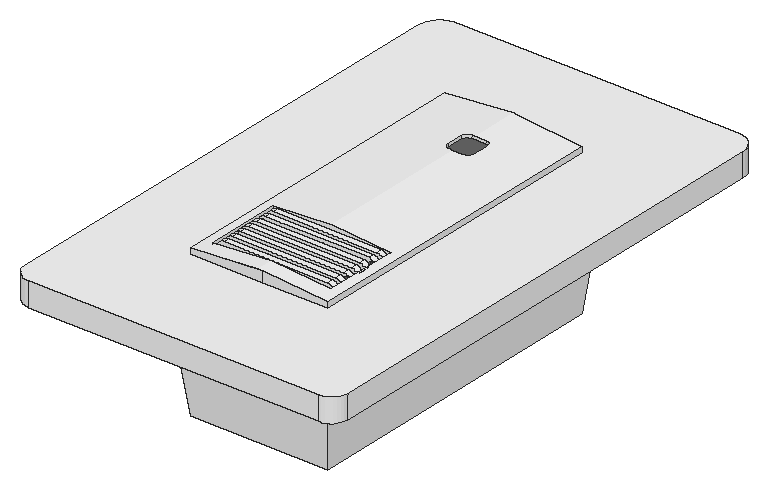
Revit family "LHU", category Communication Devices, host Face, Revit 2021
Family settings
  Host = Face
  Maintain Annotation Orientation = No
  Round Connector Dimension = Use Diameter
  Part Type = Normal
  OmniClass Number = 23.85.80.11.27
  OmniClass Title = Lighting Controls
  Cut with Voids When Loaded = No
  Shared = Yes
  Room Calculation Point = No
Parameters (values of type "LHUSD0-24V")
  Warranty = "5-Years Warranty"  # constant formula
  Type Comments = "LightHAWK®2 Ultrasonic Wall Switch Sensor"  # constant formula
  URL = "https://www.currentlighting.com/nxlightingcontrols"
  Product Page URL = ""
  Product Documentation Link = ""
  Model = " Wall Switch Occupancy Sensors"  # constant formula
  Manufacturer = " NX Lighting Controls"  # constant formula
  Width = 2.75"
  Features = "Digital Ultrasonic (US) sensor \r\nIntelliDAPT self-adaptive technology—no manual adjustment required \r\nDual circuit has isolated relays \r\nOccupancy (auto-on) and Vacancy (manual-on) operating modes \r\nAvailable with or without Neutral \r\n400 square-foot, 180° coverage area \r\n120/277VAC operation \r\nNo minimum load requirement \r\nZero Arc Point Switching \r\nFive-year limited warranty \r\n120-277VAC and 347VAC models \r\nLow voltage device: 24VDC \r\n"  # constant formula
  Black = Paint -  Carbon Black
  Height = 4.50"
  White = Paint - Matte White
  Description = "The LightHAWK®2 Ultrasonic Wall Switch Sensor uses ultrasonic (US)\r\ntechnology for detecting minor movement in areas with line-ofsight\r\nobstacles such as cubicles and stalls. Ultrasonic technology is\r\nvolumetric in nature, its coverage pattern can adapt itself to fill oddly\r\nshaped spaces such as alcoves, recesses, and nooks. This sensor has a\r\ncoverage area of up to 400 square feet and 180° of detection"  # constant formula
  Default Elevation = 48.00"
  Copyright = "Copyright © NX Lighting Controls"  # constant formula
  Contact Us = ""
  Assembly Code = "D5090"
  2 = no
  1 = no
Types (13): name | 2 | 1
  (no name) | no | no
  LHUSD0-24V | no | no
  LHUSD0-G | no | no
  LHUSD0-N | no | no
  LHUSD2-G | yes | no
  LHUSS1-24V | no | no
  LHUSS0-G | no | no
  LHUSS0-N | no | no
  LHUSS1-G | no | yes
  LHUSS1-N | no | yes
  LHUSD2-N | yes | no
  LHUSS0-24V | no | no
  LHUSD2-24V | no | no
Reference planes (in)
  plane 1 "Center (Front/Back)": y = 13.01342
  plane 2: z = 0
  plane 3 "Center (Left/Right)": x = 0
  plane 4: x = -1.375
  plane 5: x = 1.375
  plane 6: y = 15.26342
  plane 7: y = 10.76342
  plane 8: z = -1.35
  plane 9: z = 0.3
Forms (in)
  Extrusion 1, solid, material "Paint - Matte White" <- "White"
    sketch origin (0, 0, -0.5) x (1, 0, 0) y (0, 1, 0)
      loop
        arc (-1.17464, 15.26342) -> (-1.31632, 15.20473) -> (-1.375, 15.06306) r 0.20036
        line (-1.375, 15.06306) -> (-1.375, 10.91856)
        arc (-1.375, 10.91856) -> (-1.32956, 10.80886) -> (-1.21986, 10.76342) r 0.15514
        line (-1.21986, 10.76342) -> (1.23768, 10.76342)
        arc (1.23768, 10.76342) -> (1.33478, 10.80364) -> (1.375, 10.90074) r 0.13732
        line (1.375, 10.90074) -> (1.375, 15.08233)
        arc (1.375, 15.08233) -> (1.32196, 15.21038) -> (1.19391, 15.26342) r 0.18109
        line (1.19391, 15.26342) -> (-1.17464, 15.26342)
    from 0.6 to 0.4
  Extrusion 2, solid, material "Paint - Matte White" <- "White"
    sketch origin (0, 0, 0) x (1, 0, 0) y (0, 1, 0)
      loop
        line (-0.61252, 14.41205) -> (-0.61252, 11.71709) -> (0, 11.71709) -> (0.55202, 11.71709) -> (0.55202, 14.41205) -> (0, 14.41205) -> (-0.61252, 14.41205)
    from 0.23534 to 0.1
  Extrusion 3, void
    sketch origin (0, 13.01342, 0) x (1, 0, 0) y (0, 0, 1)
      loop
        line (-0.80064, 0.50032) -> (-0.80064, 0.11093)
        arc (-0.80064, 0.11093) -> (-0.03604, 0.19217) -> (0.72866, 0.11196) r 3.66183
        line (0.72866, 0.11196) -> (0.72866, 0.50032) -> (-0.80064, 0.50032)
    from 1.29633 to -1.39863
  Extrusion 4, solid, material "Paint - Matte White" <- "White", visible <- "2"
    sketch origin (0, -0.50782, -0.15625) x (1, 0, 0) y (0, 1, 0)
      loop
        arc (-0.36532, 13.31515) -> (-0.44943, 13.23104) -> (-0.36532, 13.14693) r 0.08411
        line (-0.36532, 13.14693) -> (0.36532, 13.14693)
        arc (0.36532, 13.14693) -> (0.44943, 13.23104) -> (0.36532, 13.31515) r 0.08411
        line (0.36532, 13.31515) -> (-0.36532, 13.31515)
    from 0.41734 to 0.3
  Extrusion 5, void
    sketch origin (0, 12.66185, -0.15625) x (1, 0, 0) y (0, 0, 1)
      loop
        line (-0.68234, 0.93634) -> (-0.68234, 0.33634)
        arc (-0.68234, 0.33634) -> (0.00087, 0.41153) -> (0.68408, 0.33634) r 3.14149
        line (0.68408, 0.33634) -> (0.68408, 0.93634) -> (-0.68234, 0.93634)
    from 0.07779 to -0.48461
  Extrusion 6, void
    sketch origin (0, 0, 0) x (1, 0, 0) y (0, 1, 0)
      loop
        line (-0.52918, 12.4843) -> (-0.52918, 11.85227) -> (0.47082, 11.85227) -> (0.47082, 12.4843) -> (-0.52918, 12.4843)
    from 0.8 to 0
  Extrusion 7, solid, material "Paint - Matte White" <- "White"
    sketch origin (-0.20544, 12.15494, -0.06076) x (1, 0, 0) y (0, 0, 1)
      loop
        line (-0.32566, 0.16057) -> (0.08594, 0.16057) -> (0.68073, 0.16057)
        arc (0.68073, 0.16057) -> (0.66385, 0.20745) -> (0.62096, 0.23281) r 0.07354
        arc (0.62096, 0.23281) -> (0.18246, 0.249) -> (-0.25611, 0.23492) r 6.36196
        arc (-0.25611, 0.23492) -> (-0.30556, 0.21148) -> (-0.32566, 0.16057) r 0.07451
    from 0.2657 to 0.21808
  Extrusion 8, solid, material "Paint - Matte White" <- "White"
    sketch origin (-0.20544, 12.23954, -0.06076) x (1, 0, 0) y (0, 0, 1)
      loop
        line (-0.32566, 0.16057) -> (0.08594, 0.16057) -> (0.68073, 0.16057)
        arc (0.68073, 0.16057) -> (0.66385, 0.20745) -> (0.62096, 0.23281) r 0.07354
        arc (0.62096, 0.23281) -> (0.18246, 0.249) -> (-0.25611, 0.23492) r 6.36196
        arc (-0.25611, 0.23492) -> (-0.30556, 0.21148) -> (-0.32566, 0.16057) r 0.07451
    from 0.2657 to 0.21808
  Extrusion 9, solid, material "Paint - Matte White" <- "White"
    sketch origin (-0.20544, 12.32413, -0.06076) x (1, 0, 0) y (0, 0, 1)
      loop
        line (-0.32566, 0.16057) -> (0.08594, 0.16057) -> (0.68073, 0.16057)
        arc (0.68073, 0.16057) -> (0.66385, 0.20745) -> (0.62096, 0.23281) r 0.07354
        arc (0.62096, 0.23281) -> (0.18246, 0.249) -> (-0.25611, 0.23492) r 6.36196
        arc (-0.25611, 0.23492) -> (-0.30556, 0.21148) -> (-0.32566, 0.16057) r 0.07451
    from 0.2657 to 0.21808
  Extrusion 10, solid, material "Paint - Matte White" <- "White"
    sketch origin (-0.20544, 12.40872, -0.06076) x (1, 0, 0) y (0, 0, 1)
      loop
        line (-0.32566, 0.16057) -> (0.08594, 0.16057) -> (0.68073, 0.16057)
        arc (0.68073, 0.16057) -> (0.66385, 0.20745) -> (0.62096, 0.23281) r 0.07354
        arc (0.62096, 0.23281) -> (0.18246, 0.249) -> (-0.25611, 0.23492) r 6.36196
        arc (-0.25611, 0.23492) -> (-0.30556, 0.21148) -> (-0.32566, 0.16057) r 0.07451
    from 0.2657 to 0.21808
  Extrusion 11, solid, material "Paint - Matte White" <- "White"
    sketch origin (-0.20544, 12.49332, -0.06076) x (1, 0, 0) y (0, 0, 1)
      loop
        line (-0.32566, 0.16057) -> (0.08594, 0.16057) -> (0.68073, 0.16057)
        arc (0.68073, 0.16057) -> (0.66385, 0.20745) -> (0.62096, 0.23281) r 0.07354
        arc (0.62096, 0.23281) -> (0.18246, 0.249) -> (-0.25611, 0.23492) r 6.36196
        arc (-0.25611, 0.23492) -> (-0.30556, 0.21148) -> (-0.32566, 0.16057) r 0.07451
    from 0.2657 to 0.21808
  Extrusion 12, solid, material "Paint - Matte White" <- "White"
    sketch origin (-0.20544, 12.58844, -0.06076) x (1, 0, 0) y (0, 0, 1)
      loop
        line (-0.32566, 0.16057) -> (0.08594, 0.16057) -> (0.68073, 0.16057)
        arc (0.68073, 0.16057) -> (0.66385, 0.20745) -> (0.62096, 0.23281) r 0.07354
        arc (0.62096, 0.23281) -> (0.18246, 0.249) -> (-0.25611, 0.23492) r 6.36196
        arc (-0.25611, 0.23492) -> (-0.30556, 0.21148) -> (-0.32566, 0.16057) r 0.07451
    from 0.2657 to 0.21808
  Extrusion 13, solid, material "Paint - Matte White" <- "White"
    sketch origin (-0.20544, 12.67303, -0.06076) x (1, 0, 0) y (0, 0, 1)
      loop
        line (-0.32566, 0.16057) -> (0.08594, 0.16057) -> (0.68073, 0.16057)
        arc (0.68073, 0.16057) -> (0.66385, 0.20745) -> (0.62096, 0.23281) r 0.07354
        arc (0.62096, 0.23281) -> (0.18246, 0.249) -> (-0.25611, 0.23492) r 6.36196
        arc (-0.25611, 0.23492) -> (-0.30556, 0.21148) -> (-0.32566, 0.16057) r 0.07451
    from 0.2657 to 0.21808
  Extrusion 14, void
    sketch origin (0, 0, 0) x (1, 0, 0) y (0, 1, 0)
      loop
        arc (-0.05908, 14.00966) -> (-0.09724, 13.99385) -> (-0.11305, 13.9557) r 0.05396
        line (-0.11305, 13.9557) -> (-0.11305, 13.82325)
        arc (-0.11305, 13.82325) -> (-0.09772, 13.78624) -> (-0.06071, 13.77091) r 0.05234
        line (-0.06071, 13.77091) -> (0.0577, 13.77091)
        arc (0.0577, 13.77091) -> (0.09473, 13.78625) -> (0.11008, 13.82329) r 0.05238
        line (0.11008, 13.82329) -> (0.11008, 13.95867)
        arc (0.11008, 13.95867) -> (0.09514, 13.99473) -> (0.05908, 14.00966) r 0.05099
        line (0.05908, 14.00966) -> (-0.05908, 14.00966)
    from 0.22626 to 0.1699
  Blend 15, solid, material "Paint - Matte White" <- "White"
    base sketch origin (0, 0, 0) x (1, 0, 0) y (0, 1, 0)
      loop
        line (-0.73509, 14.56519) -> (-0.73509, 11.56519) -> (0.66835, 11.56519) -> (0.66835, 14.56519) -> (-0.73509, 14.56519)
    top sketch origin (0, 0, 0) x (1, 0, 0) y (0, 1, 0)
      loop
        line (-0.61252, 14.41205) -> (-0.61252, 11.71709) -> (0.55202, 11.71709) -> (0.55202, 14.41205) -> (-0.61252, 14.41205)
    from 0 to -1.12608
  Extrusion 16, solid, material "Paint - Matte White" <- "White", visible <- "2"
    sketch origin (0, -0.12311, -0.15625) x (1, 0, 0) y (0, 1, 0)
      loop
        arc (-0.36532, 13.31515) -> (-0.44943, 13.23104) -> (-0.36532, 13.14693) r 0.08411
        line (-0.36532, 13.14693) -> (0.36532, 13.14693)
        arc (0.36532, 13.14693) -> (0.44943, 13.23104) -> (0.36532, 13.31515) r 0.08411
        line (0.36532, 13.31515) -> (-0.36532, 13.31515)
    from 0.41734 to 0.3
  Extrusion 17, void
    sketch origin (0, 13.04656, -0.15625) x (1, 0, 0) y (0, 0, 1)
      loop
        line (-0.68234, 0.93634) -> (-0.68234, 0.33634)
        arc (-0.68234, 0.33634) -> (0.00087, 0.41153) -> (0.68408, 0.33634) r 3.14149
        line (0.68408, 0.33634) -> (0.68408, 0.93634) -> (-0.68234, 0.93634)
    from 0.07779 to -0.22916
  Extrusion 18, solid, material "Paint - Matte White" <- "White", visible <- "1"
    sketch origin (0, -0.29322, -0.15625) x (1, 0, 0) y (0, 1, 0)
      loop
        arc (-0.31845, 13.3464) -> (-0.4587, 13.20615) -> (-0.31845, 13.0659) r 0.14025
        line (-0.31845, 13.0659) -> (0.31845, 13.0659)
        arc (0.31845, 13.0659) -> (0.4587, 13.20615) -> (0.31845, 13.3464) r 0.14025
        line (0.31845, 13.3464) -> (-0.31845, 13.3464)
    from 0.41734 to 0.3
  Extrusion 19, solid, material "Paint -  Carbon Black" <- "Black"
    sketch origin (0, 0, 0) x (1, 0, 0) y (0, 1, 0)
      loop
        circle (-0.28512, 12.19064) r 0.25
      loop
        circle (0.22429, 12.19064) r 0.25
      loop
        circle (-0.28512, 12.19064) r 0.24
      loop
        circle (0.22429, 12.19064) r 0.24
    from 0.14612 to 0
Cuts and joins
  Extrusion 3, Extrusion 6 cuts Extrusion 1
  Extrusion 3, Extrusion 6, Extrusion 14 cuts Extrusion 2
  joined: Extrusion 1, Extrusion 2
  Extrusion 5, Extrusion 17 cuts Extrusion 4
  Extrusion 17 cuts Extrusion 16
  Extrusion 5 cuts Extrusion 18
Dimensions and locks (in)
  plane 2 to plane 8 = 1.35"
  "Width": plane 4 to plane 5
  equal spacing: plane 4, plane 3 "Center (Left/Right)", plane 5
  "Height": plane 7 to plane 6
  equal spacing: plane 7, plane 1 "Center (Front/Back)", plane 6
  plane 9 to plane 8 = 1.65"
  aligned and locked: plane 2 to host face
  aligned and locked: level to host face
Automatic sketch dimensions
  host sketch curve to host sketch curve = 96.00"  (x2)
  Extrusion 1 sketch curve to plane 4 = 0.00"
  plane 7 to Extrusion 1 sketch curve = 0.00"
  plane 6 to Extrusion 1 sketch curve = 0.00"
  Extrusion 1 sketch curve to plane 5 = 0.00"
  plane 4 to Extrusion 1 sketch curve = 0.15514"
  plane 4 to Extrusion 1 sketch curve = 0.20036"
  Extrusion 1 sketch curve to Extrusion 1 sketch curve = 0.18109"
  Extrusion 1 sketch curve to plane 5 = 0.13732"
  Extrusion 2 sketch curve to plane 3 "Center (Left/Right)" = 0.00"  (x2)
  Extrusion 2 sketch curve to plane 3 "Center (Left/Right)" = 0.61252"
  Extrusion 2 sketch curve to Extrusion 2 sketch curve = 0.55202"
  Extrusion 2 sketch curve to plane 7 = 0.95367"
  plane 6 to Extrusion 2 sketch curve = 0.85137"
  level to Extrusion 3 sketch curve = 0.11093"
  plane 4 to Extrusion 3 sketch curve = 0.57436"
  Extrusion 3 sketch curve to plane 3 "Center (Left/Right)" = 0.03357"
  level to Extrusion 3 sketch curve = 0.11196"
  plane 3 "Center (Left/Right)" to Extrusion 3 sketch curve = 0.72866"
  Extrusion 3 sketch curve to plane 9 = 0.20032"
  plane 1 "Center (Front/Back)" to Extrusion 4 sketch curve = 0.20609"
  Extrusion 4 sketch curve to plane 3 "Center (Left/Right)" = 0.36532"
  plane 3 "Center (Left/Right)" to Extrusion 4 sketch curve = 0.36532"
  Extrusion 4 sketch curve to Extrusion 4 sketch curve = 0.08411"
  plane 9 to Extrusion 5 sketch curve = 0.11991"
  Extrusion 5 sketch curve to plane 3 "Center (Left/Right)" = 0.68234"
  plane 3 "Center (Left/Right)" to Extrusion 5 sketch curve = 0.00087"
  plane 3 "Center (Left/Right)" to Extrusion 5 sketch curve = 0.68408"
  plane 8 to Extrusion 5 sketch curve = 1.53622"
  Extrusion 5 sketch curve to plane 9 = 0.48009"
  Extrusion 5 sketch curve to Extrusion 5 sketch curve = 0.00"
  Extrusion 6 sketch curve to plane 3 "Center (Left/Right)" = 0.52918"
  plane 3 "Center (Left/Right)" to Extrusion 6 sketch curve = 0.47082"
  Extrusion 6 sketch curve to plane 7 = 1.08885"
  plane 1 "Center (Front/Back)" to Extrusion 6 sketch curve = 0.52912"
  level to Extrusion 7 sketch curve = 0.09982"
  Extrusion 7 sketch curve to plane 3 "Center (Left/Right)" = 0.5311"
  Extrusion 7 sketch curve to Extrusion 7 sketch curve = 0.07451"
  Extrusion 7 sketch curve to plane 3 "Center (Left/Right)" = 0.1195"
  Extrusion 7 sketch curve to plane 3 "Center (Left/Right)" = 0.03822"
  plane 3 "Center (Left/Right)" to Extrusion 7 sketch curve = 0.40175"
  Extrusion 7 sketch curve to Extrusion 7 sketch curve = 0.07354"
  plane 8 to Extrusion 7 sketch curve = 4.8237"
  Extrusion 7 sketch curve to Extrusion 7 sketch curve = 0.00"
  level to Extrusion 8 sketch curve = 0.09982"
  Extrusion 8 sketch curve to plane 3 "Center (Left/Right)" = 0.5311"
  Extrusion 8 sketch curve to Extrusion 8 sketch curve = 0.07451"
  Extrusion 8 sketch curve to plane 3 "Center (Left/Right)" = 0.1195"
  Extrusion 8 sketch curve to plane 3 "Center (Left/Right)" = 0.03822"
  plane 3 "Center (Left/Right)" to Extrusion 8 sketch curve = 0.40175"
  Extrusion 8 sketch curve to Extrusion 8 sketch curve = 0.07354"
  plane 8 to Extrusion 8 sketch curve = 4.8237"
  Extrusion 8 sketch curve to Extrusion 8 sketch curve = 0.00"
  level to Extrusion 9 sketch curve = 0.09982"
  Extrusion 9 sketch curve to plane 3 "Center (Left/Right)" = 0.5311"
  Extrusion 9 sketch curve to Extrusion 9 sketch curve = 0.07451"
  Extrusion 9 sketch curve to plane 3 "Center (Left/Right)" = 0.1195"
  Extrusion 9 sketch curve to plane 3 "Center (Left/Right)" = 0.03822"
  plane 3 "Center (Left/Right)" to Extrusion 9 sketch curve = 0.40175"
  Extrusion 9 sketch curve to Extrusion 9 sketch curve = 0.07354"
  plane 8 to Extrusion 9 sketch curve = 4.8237"
  Extrusion 9 sketch curve to Extrusion 9 sketch curve = 0.00"
  level to Extrusion 10 sketch curve = 0.09982"
  Extrusion 10 sketch curve to plane 3 "Center (Left/Right)" = 0.5311"
  Extrusion 10 sketch curve to Extrusion 10 sketch curve = 0.07451"
  Extrusion 10 sketch curve to plane 3 "Center (Left/Right)" = 0.1195"
  Extrusion 10 sketch curve to plane 3 "Center (Left/Right)" = 0.03822"
  plane 3 "Center (Left/Right)" to Extrusion 10 sketch curve = 0.40175"
  Extrusion 10 sketch curve to Extrusion 10 sketch curve = 0.07354"
  plane 8 to Extrusion 10 sketch curve = 4.8237"
  Extrusion 10 sketch curve to Extrusion 10 sketch curve = 0.00"
  level to Extrusion 11 sketch curve = 0.09982"
  Extrusion 11 sketch curve to plane 3 "Center (Left/Right)" = 0.5311"
  Extrusion 11 sketch curve to Extrusion 11 sketch curve = 0.07451"
  Extrusion 11 sketch curve to plane 3 "Center (Left/Right)" = 0.1195"
  Extrusion 11 sketch curve to plane 3 "Center (Left/Right)" = 0.03822"
  plane 3 "Center (Left/Right)" to Extrusion 11 sketch curve = 0.40175"
  Extrusion 11 sketch curve to Extrusion 11 sketch curve = 0.07354"
  plane 8 to Extrusion 11 sketch curve = 4.8237"
  Extrusion 11 sketch curve to Extrusion 11 sketch curve = 0.00"
  level to Extrusion 12 sketch curve = 0.09982"
  Extrusion 12 sketch curve to plane 3 "Center (Left/Right)" = 0.5311"
  Extrusion 12 sketch curve to Extrusion 12 sketch curve = 0.07451"
  Extrusion 12 sketch curve to plane 3 "Center (Left/Right)" = 0.1195"
  Extrusion 12 sketch curve to plane 3 "Center (Left/Right)" = 0.03822"
  plane 3 "Center (Left/Right)" to Extrusion 12 sketch curve = 0.40175"
  Extrusion 12 sketch curve to Extrusion 12 sketch curve = 0.07354"
  plane 8 to Extrusion 12 sketch curve = 4.8237"
  Extrusion 12 sketch curve to Extrusion 12 sketch curve = 0.00"
  level to Extrusion 13 sketch curve = 0.09982"
  Extrusion 13 sketch curve to plane 3 "Center (Left/Right)" = 0.5311"
  Extrusion 13 sketch curve to Extrusion 13 sketch curve = 0.07451"
  Extrusion 13 sketch curve to plane 3 "Center (Left/Right)" = 0.1195"
  Extrusion 13 sketch curve to plane 3 "Center (Left/Right)" = 0.03822"
  plane 3 "Center (Left/Right)" to Extrusion 13 sketch curve = 0.40175"
  Extrusion 13 sketch curve to Extrusion 13 sketch curve = 0.07354"
  plane 8 to Extrusion 13 sketch curve = 4.8237"
  Extrusion 13 sketch curve to Extrusion 13 sketch curve = 0.00"
  Extrusion 14 sketch curve to plane 3 "Center (Left/Right)" = 0.11305"
  Extrusion 14 sketch curve to plane 3 "Center (Left/Right)" = 0.06071"
  Extrusion 14 sketch curve to Extrusion 14 sketch curve = 0.05396"
  plane 3 "Center (Left/Right)" to Extrusion 14 sketch curve = 0.0577"
  plane 3 "Center (Left/Right)" to Extrusion 14 sketch curve = 0.05908"
  Extrusion 14 sketch curve to Extrusion 14 sketch curve = 0.05099"
  Extrusion 14 sketch curve to plane 1 "Center (Front/Back)" = 0.75749"
  Extrusion 14 sketch curve to Extrusion 14 sketch curve = 0.13244"
  plane 4 to Blend 15 sketch curve = 0.63991"
  plane 3 "Center (Left/Right)" to Blend 15 sketch curve = 0.66835"
  Blend 15 sketch curve to plane 7 = 0.80177"
  plane 6 to Blend 15 sketch curve = 0.69823"
  Blend 15 sketch curve to plane 3 "Center (Left/Right)" = 0.61252"
  plane 3 "Center (Left/Right)" to Blend 15 sketch curve = 0.55202"
  Blend 15 sketch curve to plane 7 = 0.95367"
  plane 6 to Blend 15 sketch curve = 0.85137"
  Extrusion 16 sketch curve to plane 1 "Center (Front/Back)" = 0.17862"
  Extrusion 16 sketch curve to plane 3 "Center (Left/Right)" = 0.36532"
  Extrusion 16 sketch curve to plane 1 "Center (Front/Back)" = 0.0104"
  plane 3 "Center (Left/Right)" to Extrusion 16 sketch curve = 0.36532"
  plane 9 to Extrusion 17 sketch curve = 0.11991"
  Extrusion 17 sketch curve to plane 3 "Center (Left/Right)" = 0.68234"
  plane 3 "Center (Left/Right)" to Extrusion 17 sketch curve = 0.00087"
  plane 3 "Center (Left/Right)" to Extrusion 17 sketch curve = 0.68408"
  plane 8 to Extrusion 17 sketch curve = 1.53622"
  Extrusion 17 sketch curve to plane 9 = 0.48009"
  Extrusion 17 sketch curve to Extrusion 17 sketch curve = 0.00"
  Extrusion 18 sketch curve to plane 1 "Center (Front/Back)" = 0.03977"
  Extrusion 18 sketch curve to plane 3 "Center (Left/Right)" = 0.31845"
  plane 1 "Center (Front/Back)" to Extrusion 18 sketch curve = 0.24074"
  plane 3 "Center (Left/Right)" to Extrusion 18 sketch curve = 0.31845"
  Extrusion 19 sketch curve to plane 3 "Center (Left/Right)" = 0.28512"
  plane 3 "Center (Left/Right)" to Extrusion 19 sketch curve = 0.22429"
  plane 1 "Center (Front/Back)" to Extrusion 19 sketch curve = 0.82277"
  Extrusion 19 sketch curve to Extrusion 19 sketch curve = 0.00"
  radius of Extrusion 19 sketch curve = 0.25"  (x2)
Connectors (in)
  electrical at (0.00464, 13.0023, 0.1)
    settings: on cut or joined group of Extrusion 1, Extrusion 2, Extrusion 3, Extrusion 6, Extrusion 14, index 1, voltage 0 V, apparent load 0 VA, apparent load phase1 0 VA, apparent load phase2 0 VA, apparent load phase3 0 VA, power factor 1, load classification "Other", number of poles 1, system type 14, power factor state 1, is connector primary yes, connector utility no, sub classification motor no, connector description "Wall Switch Occupancy Sensors"
